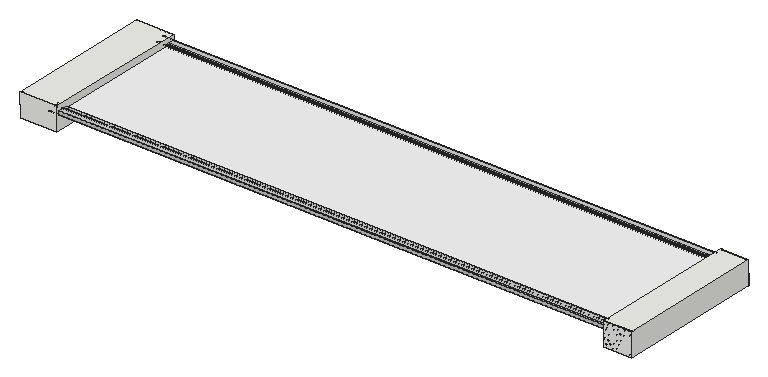
Revit family "DSI-H_3HR_Horizontal_Curtain_Under_Ceiling", category Specialty Equipment, Revit 2023
Family settings
  Round Connector Dimension = Use Diameter
  Part Type = Normal
  OmniClass Number = 23.30.60.17
  OmniClass Title = Fire and Smoke Shutters and Curtains
  Work Plane-Based = No
  Enable Cutting in Views = No
  Always vertical = Yes
  Cut with Voids When Loaded = No
  Maintain Annotation Orientation = No
  Shared = No
  Room Calculation Point = No
Parameters
  Type Comments = ""
  Specifications = "https://www.arcat.com/company/door-systems-50183/spec"
  Product Information = "https://www.arcat.com/arcatcos/cos50/arc50183.html"
  Manufacturer Address = "1150 S. Las Brisas Placentia, CA 92870"
  Keynote = ""
  Description = ""
  Default Elevation = 0' - 0"
  Cost = 0
  Copyright = "Arcat, Inc."
  Curtain Width [instance] = 5' - 3"
  URL = "https://www.doorsysinc.com/smoke-and-fire-curtains/"
  Width (TBW) Tail end Box [instance] = 1' - 1 3/4"
  Stainless Steel = Stainless Steel
  Schematic Floor = no
  Power Supply = "SINGLE PHASE, 230V,13A,50Hz"
  Open Fire Curtain = yes
  Motor = "INTERNAL, ELECTRIC, TUBULER GEARED CONSTANT SPEED MOTOR"
  Model = "DSI-H 3HR HorizontalnCurtain Under Ceiling"
  Manufacturer = "Door Systems"
  Height (TBH) Tail end Box [instance] = 0' - 11 3/4"
  Width (HBW) Head Box [instance] = 1' - 6 1/2"
  Height (HBH) Head Box [instance] = 0' - 11 3/4"
  Guide Rail = "2 mm THK GALVANIZED STEEL GUIDE RAIL"
  Galvanized Stell = Galvanized Steel
  End Plate = "3mmTHK GALVANISED STEEL END PLATES AND BRACKETS"
  Curtain Fabric = "MANUFACTURED FROM STAINLESS STEEL, WIRE REINFORCED,\r\nWOVEN GLASS FIBRE, FABRIC COATED ON EACH SIDE\r\nWITH SILVER POLYURETHANE  VWG 690"
  Curtain Box = "1.2mmTHK GALVANISED STEEL"
  Curtain = Curtain
  Curtain Length [instance] = 23' - 0"
  Bottom Bar = "2mm THK  GALVANIZED STEEL  BOTTOM BAR"
  Assembly Code = ""
Reference planes (in)
  plane 1 "Center (Front/Back)": y = 0
  plane 2: z = 0
  plane 3 "Center (Left/Right)": x = 0
  plane 4: y = 48
  plane 5: y = -25.62376
  plane 6: x = -48
  plane 7: x = 260.25
  plane 8: x = -29.5
  plane 9: x = 246.5
  plane 10: y = 43.47244
  plane 11: y = -21.0962
  plane 12: z = 0
  plane 13: z = 11.75
  plane 14: z = 8.30906
  plane 15: x = -34.22047
  plane 16: x = 252.40133
  plane 17: z = 10.90207
  plane 18: y = 47.2126
  plane 19: y = -24.84251
  plane 20: y = -25.57689
  plane 21: y = 47.95312
  plane 22: z = 9.7997
  plane 23: z = 9.75283
  plane 24: x = -32.25591
  plane 25: x = 249.25591
  plane 26: z = 0
  plane 27: y = -20.31495
  plane 28: y = 42.68505
  plane 29: z = 8.75
  plane 30: z = 8.70312
Forms (in)
  Extrusion 1, solid, material "Metal, Paint Finish, White, Matte"
    sketch origin (0, 0, 0) x (1, 0, 0) y (0, 0, 1)
      loop
        line (-29.5, 11.75) -> (-48, 11.75) -> (-48, 0) -> (-29.5, 0) -> (-29.5, 11.75)
    from -47.95312 to 25.57689
  Extrusion 2, solid, material "Metal, Paint Finish, White, Matte"
    sketch origin (0, 0, 0) x (1, 0, 0) y (0, 0, 1)
      loop
        line (246.5, 0) -> (260.25, 0) -> (260.25, 11.75) -> (246.5, 11.75) -> (246.5, 0)
    from -47.95312 to 25.62376
  Extrusion 3, solid, material "Metal, Paint Finish, White, Matte"
    sketch origin (0, -119.95313, 0) x (1, 0, 0) y (0, 0, 1)
      loop
        line (-48, 11.65551) -> (-48, 0) -> (-29.5, 0) -> (-29.5, 11.75) -> (-47.90551, 11.75)
        arc (-47.90551, 11.75) -> (-47.97233, 11.72233) -> (-48, 11.65551) r 0.09449
    from -94.37624 to -94.32936
  Extrusion 4, solid, material "Metal, Paint Finish, White, Matte"
    sketch origin (0, -36, 0) x (1, 0, 0) y (0, 0, 1)
      loop
        line (-48, 11.65551) -> (-48, 0) -> (-29.5, 0) -> (-29.5, 11.75) -> (-47.90551, 11.75)
        arc (-47.90551, 11.75) -> (-47.97233, 11.72233) -> (-48, 11.65551) r 0.09449
    from -84 to -83.95312
  Extrusion 5, solid, material "Metal, Paint Finish, White, Matte"
    sketch origin (0, -35.95313, 0) x (1, 0, 0) y (0, 0, 1)
      loop
        line (246.49582, 0) -> (260.24582, 0) -> (260.24582, 11.65551)
        arc (260.24582, 11.65551) -> (260.21814, 11.72233) -> (260.15133, 11.75) r 0.09449
        line (260.15133, 11.75) -> (246.49582, 11.75) -> (246.49582, 0)
    from -10.37624 to -10.32936
  Extrusion 6, solid, material "Metal, Paint Finish, White, Matte"
    sketch origin (0, 48, 0) x (1, 0, 0) y (0, 0, 1)
      loop
        line (246.49582, 0) -> (260.24582, 0) -> (260.24582, 11.65551)
        arc (260.24582, 11.65551) -> (260.21814, 11.72233) -> (260.15133, 11.75) r 0.09449
        line (260.15133, 11.75) -> (246.49582, 11.75) -> (246.49582, 0)
    from 0 to 0.04688
  Extrusion 7, solid, material "Galvanized Steel"
    sketch origin (0, 1.56963, 0) x (0, 1, 0) y (0, 0, 1)
      loop
        line (-21.88458, 8.86811) -> (-21.88458, 9.41929)
        arc (-21.88458, 9.41929) -> (-21.91918, 9.50281) -> (-22.00269, 9.5374) r 0.11811
        line (-22.00269, 9.5374) -> (-26.29403, 9.5374)
        arc (-26.29403, 9.5374) -> (-26.37755, 9.50281) -> (-26.41214, 9.41929) r 0.11811
        line (-26.41214, 9.41929) -> (-26.41214, 7.68701)
        arc (-26.41214, 7.68701) -> (-26.37755, 7.60349) -> (-26.29403, 7.5689) r 0.11811
        line (-26.29403, 7.5689) -> (-22.00269, 7.5689)
        arc (-22.00269, 7.5689) -> (-21.91918, 7.60349) -> (-21.88458, 7.68701) r 0.11811
        line (-21.88458, 7.68701) -> (-21.88458, 8.23819)
        arc (-21.88458, 8.23819) -> (-21.91918, 8.32171) -> (-22.00269, 8.3563) r 0.11811
        line (-22.00269, 8.3563) -> (-23.14443, 8.3563)
        arc (-23.14443, 8.3563) -> (-23.22794, 8.32171) -> (-23.26254, 8.23819) r 0.11811
        line (-23.26254, 8.23819) -> (-23.26254, 7.68701) -> (-23.1838, 7.68701) -> (-23.1838, 8.23819)
        arc (-23.1838, 8.23819) -> (-23.17227, 8.26603) -> (-23.14443, 8.27756) r 0.03937
        line (-23.14443, 8.27756) -> (-22.00269, 8.27756)
        arc (-22.00269, 8.27756) -> (-21.97486, 8.26603) -> (-21.96332, 8.23819) r 0.03937
        line (-21.96332, 8.23819) -> (-21.96332, 7.68701)
        arc (-21.96332, 7.68701) -> (-21.97486, 7.65917) -> (-22.00269, 7.64764) r 0.03937
        line (-22.00269, 7.64764) -> (-26.29403, 7.64764)
        arc (-26.29403, 7.64764) -> (-26.32187, 7.65917) -> (-26.3334, 7.68701) r 0.03937
        line (-26.3334, 7.68701) -> (-26.3334, 9.41929)
        arc (-26.3334, 9.41929) -> (-26.32187, 9.44713) -> (-26.29403, 9.45866) r 0.03937
        line (-26.29403, 9.45866) -> (-22.00269, 9.45866)
        arc (-22.00269, 9.45866) -> (-21.97486, 9.44713) -> (-21.96332, 9.41929) r 0.03937
        line (-21.96332, 9.41929) -> (-21.96332, 8.86811)
        arc (-21.96332, 8.86811) -> (-21.97486, 8.84027) -> (-22.00269, 8.82874) r 0.03937
        line (-22.00269, 8.82874) -> (-23.14443, 8.82874)
        arc (-23.14443, 8.82874) -> (-23.17227, 8.84027) -> (-23.1838, 8.86811) r 0.03937
        line (-23.1838, 8.86811) -> (-23.1838, 9.43307) -> (-23.26254, 9.43307) -> (-23.26254, 8.86811)
        arc (-23.26254, 8.86811) -> (-23.22794, 8.78459) -> (-23.14443, 8.75) r 0.11811
        line (-23.14443, 8.75) -> (-22.00269, 8.75)
        arc (-22.00269, 8.75) -> (-21.91918, 8.78459) -> (-21.88458, 8.86811) r 0.11811
    from -34.22047 to 252.40133
  Extrusion 8, solid, material "Galvanized Steel"
    sketch origin (0, 0, -1.0631) x (0, 1, 0) y (0, 0, 1)
      loop
        line (44.063, 10.79774) -> (43.98426, 10.79774) -> (43.98426, 10.23278)
        arc (43.98426, 10.23278) -> (43.97273, 10.20494) -> (43.94489, 10.19341) r 0.03937
        line (43.94489, 10.19341) -> (42.80316, 10.19341)
        arc (42.80316, 10.19341) -> (42.77532, 10.20494) -> (42.76379, 10.23278) r 0.03937
        line (42.76379, 10.23278) -> (42.76379, 10.78396)
        arc (42.76379, 10.78396) -> (42.77532, 10.8118) -> (42.80316, 10.82333) r 0.03937
        line (42.80316, 10.82333) -> (47.09449, 10.82333)
        arc (47.09449, 10.82333) -> (47.12233, 10.8118) -> (47.13386, 10.78396) r 0.03937
        line (47.13386, 10.78396) -> (47.13386, 9.05167)
        arc (47.13386, 9.05167) -> (47.12233, 9.02383) -> (47.09449, 9.0123) r 0.03937
        line (47.09449, 9.0123) -> (42.80316, 9.0123)
        arc (42.80316, 9.0123) -> (42.77532, 9.02383) -> (42.76379, 9.05167) r 0.03937
        line (42.76379, 9.05167) -> (42.76379, 9.60285)
        arc (42.76379, 9.60285) -> (42.77532, 9.63069) -> (42.80316, 9.64222) r 0.03937
        line (42.80316, 9.64222) -> (43.94489, 9.64222)
        arc (43.94489, 9.64222) -> (43.97273, 9.63069) -> (43.98426, 9.60285) r 0.03937
        line (43.98426, 9.60285) -> (43.98426, 9.05167) -> (44.063, 9.05167) -> (44.063, 9.60285)
        arc (44.063, 9.60285) -> (44.0284, 9.68637) -> (43.94489, 9.72096) r 0.11811
        line (43.94489, 9.72096) -> (42.80316, 9.72096)
        arc (42.80316, 9.72096) -> (42.71964, 9.68637) -> (42.68505, 9.60285) r 0.11811
        line (42.68505, 9.60285) -> (42.68505, 9.05167)
        arc (42.68505, 9.05167) -> (42.71964, 8.96816) -> (42.80316, 8.93356) r 0.11811
        line (42.80316, 8.93356) -> (47.09449, 8.93356)
        arc (47.09449, 8.93356) -> (47.17801, 8.96816) -> (47.2126, 9.05167) r 0.11811
        line (47.2126, 9.05167) -> (47.2126, 10.78396)
        arc (47.2126, 10.78396) -> (47.17801, 10.86747) -> (47.09449, 10.90207) r 0.11811
        line (47.09449, 10.90207) -> (42.80316, 10.90207)
        arc (42.80316, 10.90207) -> (42.71964, 10.86747) -> (42.68505, 10.78396) r 0.11811
        line (42.68505, 10.78396) -> (42.68505, 10.23278)
        arc (42.68505, 10.23278) -> (42.71964, 10.14926) -> (42.80316, 10.11467) r 0.11811
        line (42.80316, 10.11467) -> (43.94489, 10.11467)
        arc (43.94489, 10.11467) -> (44.0284, 10.14926) -> (44.063, 10.23278) r 0.11811
        line (44.063, 10.23278) -> (44.063, 10.79774)
    from -34.22047 to 252.40133
  Extrusion 9, solid, material "Schematic Floor", visible <- "Schematic Floor"
    sketch origin (0, 0, 2.04687) x (1, 0, 0) y (0, 1, 0)
      loop
        line (-48, -25.57689) -> (260.25, -25.57689) -> (260.25, 48) -> (-48, 48) -> (-48, -25.57689)
      loop
        line (284.24582, 72) -> (-72, 72) -> (-72, -49.57689) -> (284.24582, -49.57689) -> (284.24582, 72)
    from 0 to 9.76563
  Extrusion 10, solid, material "Schematic Floor", visible <- "Schematic Floor"
    sketch origin (0, 0, 11.8125) x (1, 0, 0) y (0, 1, 0)
      loop
        line (-32.25591, -25.57689) -> (249.25591, -25.57689) -> (249.25591, 48) -> (-32.25591, 48) -> (-32.25591, -25.57689)
      loop
        line (284.24582, 72) -> (-72, 72) -> (-72, -49.57689) -> (284.24582, -49.57689) -> (284.24582, 72)
    from 0 to 5.90551
  Extrusion 11, solid, material "Curtain", visible <- "Open Fire Curtain"
    sketch origin (0, 0, 8.81533) x (1, 0, 0) y (0, 1, 0)
      loop
        line (-34.22047, -21.0962) -> (252.40133, -21.0962) -> (252.40133, 43.47244) -> (-34.22047, 43.47244) -> (-34.22047, -21.0962)
    from -0.06533 to -0.1122
Cuts and joins
  joined: Extrusion 9, Extrusion 10
Lines and regions (in)
  symbolic lines
    curve 1: circle (-44.4481, 0, 6.24083) r 1.91535 normal (0, -1, 0)
    curve 2: circle (-44.4481, 0, 6.24083) r 1.50591 normal (0, -1, 0)
    curve 3: circle (-44.4481, 0, 6.24083) r 1.37795 normal (0, -1, 0)
    curve 4: line (-44.45337, 0, 8.57018) -> (-44.44283, 0, 3.91148)
    curve 5: line (-46.77745, 0, 6.23556) -> (-42.11875, 0, 6.2461)
    curve 6: line (-42.11875, 0, 6.2461) -> (-33.09316, 0, 6.2665)
    curve 7: line (-37.56899, 0, 10.72215) -> (-37.5488, 0, 1.79067)
    curve 8: arc (-37.5634, 0, 8.2505) -> (-38.97212, 0, 7.66325) -> (-39.55298, 0, 6.2519) r 1.99409
    curve 9: circle (-37.55889, 0, 6.25641) r 3.54331 normal (0, -1, 0)
    curve 10: line (-44.32021, 0, 8.15191) -> (-37.46315, 0, 7.69302)
    curve 11: line (-37.55564, 0, 4.81661) -> (-44.3106, 0, 4.33042)
    curve 12: circle (-37.55889, 0, 6.25641) r 1.43976 normal (0, -1, 0)
    curve 13: circle (-37.55889, 0, 6.25641) r 1.85236 normal (0, -1, 0)
    curve 14: circle (-37.55889, 0, 6.25641) r 1.99409 normal (0, -1, 0)
    curve 15: line (-34.11021, 0, 9.7997) -> (-37.56691, 0, 9.7997)
    curve 31: circle (251.07062, 0, 4.85876) r 1.43976 normal (0, -1, 0)
    curve 32: line (255.80408, 0, 6.76489) -> (250.93148, 0, 6.29178)
    curve 33: line (251.07062, 0, 6.65057) -> (251.07062, 0, 3.06695)
    curve 34: line (249.27881, 0, 4.85876) -> (252.86243, 0, 4.85876)
    curve 35: circle (251.07292, 0, 4.85876) r 0.83465 normal (0, -1, 0)
    curve 36: circle (251.07292, 0, 4.85876) r 0.71654 normal (0, -1, 0)
    curve 37: line (253.51091, 0, 4.85876) -> (258.47285, 0, 4.85876)
    curve 38: circle (255.99188, 0, 4.85876) r 1.91535 normal (0, -1, 0)
    curve 39: circle (255.99188, 0, 4.85876) r 1.50591 normal (0, -1, 0)
    curve 40: circle (255.99188, 0, 4.85876) r 1.37795 normal (0, -1, 0)
    curve 41: line (251.08935, 0, 3.41912) -> (255.80329, 0, 2.95271)
    curve 42: line (255.99188, 0, 7.33973) -> (255.99188, 0, 2.37779)
  symbolic lines, not visible
    curve 16: circle (-44.45615, 0, 6.29921) r 1.91535 normal (0, -1, 0)
    curve 17: circle (-44.45615, 0, 6.29921) r 1.50591 normal (0, -1, 0)
    curve 18: circle (-44.45615, 0, 6.29921) r 1.37795 normal (0, -1, 0)
    curve 19: line (-44.45615, 0, 8.62857) -> (-44.45615, 0, 3.96985)
    curve 20: line (-46.78551, 0, 6.29921) -> (-42.12679, 0, 6.29921)
    curve 21: line (-42.12679, 0, 6.29921) -> (-33.10118, 0, 6.29921)
    curve 22: line (-37.56693, 0, 10.76496) -> (-37.56693, 0, 1.83346)
    curve 23: arc (-37.56693, 0, 8.29331) -> (-38.97697, 0, 7.70925) -> (-39.56102, 0, 6.29921) r 1.99409
    curve 24: circle (-37.56693, 0, 6.29921) r 3.54331 normal (0, -1, 0)
    curve 25: line (-44.32394, 0, 8.21) -> (-37.46794, 0, 7.73561)
    curve 26: line (-37.56693, 0, 4.85941) -> (-44.32297, 0, 4.38849)
    curve 27: circle (-37.56693, 0, 6.29921) r 1.43976 normal (0, -1, 0)
    curve 28: circle (-37.56693, 0, 6.29921) r 1.85236 normal (0, -1, 0)
    curve 29: circle (-37.56693, 0, 6.29921) r 1.99409 normal (0, -1, 0)
    curve 30: line (-34.11024, 0, 9.8347) -> (-37.56693, 0, 9.84252)
    curve 43: circle (126.25984, 0, 4.92126) r 1.43976 normal (0, -1, 0)
    curve 44: line (130.9933, 0, 6.82739) -> (126.1207, 0, 6.35428)
    curve 45: line (126.25984, 0, 6.71307) -> (126.25984, 0, 3.12945)
    curve 46: line (124.46803, 0, 4.92126) -> (128.05166, 0, 4.92126)
    curve 47: circle (126.26214, 0, 4.92126) r 0.83465 normal (0, -1, 0)
    curve 48: circle (126.26214, 0, 4.92126) r 0.71654 normal (0, -1, 0)
    curve 49: line (128.70013, 0, 4.92126) -> (133.66207, 0, 4.92126)
    curve 50: circle (131.1811, 0, 4.92126) r 1.91535 normal (0, -1, 0)
    curve 51: circle (131.1811, 0, 4.92126) r 1.50591 normal (0, -1, 0)
    curve 52: circle (131.1811, 0, 4.92126) r 1.37795 normal (0, -1, 0)
    curve 53: line (126.27857, 0, 3.48162) -> (130.99251, 0, 3.01521)
    curve 54: line (131.1811, 0, 7.40223) -> (131.1811, 0, 2.44029)
Dimensions and locks (in)
  "Width (HBW) Head Box": plane 6 to plane 8
  "Width (TBW) Tail end Box": plane 9 to plane 7
  plane 6 to plane 7 = 25' - 8 1/4"
  "Curtain Length": plane 8 to plane 9
  plane 4 to plane 5 = 6' - 1.62376"
  locked: plane 11 to plane 5 at 4.52756
  locked: plane 4 to plane 10 at 4.52756
  "Height (HBH) Head Box": plane 13 to plane 12
  locked: plane 13 to plane 14 at 3.44094
  locked: plane 9 to plane 16 at 5.90133
  locked: plane 13 to plane 17 at 0.84793
  locked: plane 4 to plane 18 at 0.7874
  locked: plane 19 to plane 5 at 0.78125
  locked: plane 20 to plane 5 at 0.04687
  locked: plane 4 to plane 21 at 0.04688
  plane 13 to plane 22 to plane 23 = 0' - 1.9503" locked, 0' - 0 3/64" locked
  locked: plane 14 to curve 37 at 3.4503
  locked: curve 33 to plane 16 at 1.33071
  locked: plane 24 to plane 8 at 2.75591
  locked: plane 9 to plane 25 at 2.75591
  "Height (TBH) Tail end Box": plane 13 to plane 26
  locked: plane 4 to plane 28 at 5.31495
  "Curtain Width": plane 28 to plane 27
  locked: plane 27 to plane 5 at 5.30881
  locked: plane 29 to plane 30 at 0.04688
  locked: plane 13 to plane 29 at 3
  plane 29 to plane 30 = 0' - 0 3/64"
  aligned and locked: plane 2 to level
  aligned and locked: plane 13 to Extrusion 1 sketch curve
  aligned and locked: Extrusion 1 sketch curve to plane 12
  aligned and locked: plane 6 to Extrusion 1
  aligned and locked: Extrusion 1 to plane 8
  aligned and locked: Extrusion 3 to plane 5
  aligned and locked: Extrusion 3 to plane 20
  aligned and locked: plane 20 to Extrusion 1
  aligned and locked: Extrusion 4 to plane 21
  aligned and locked: plane 4 to Extrusion 4
  aligned and locked: plane 21 to Extrusion 1
  aligned and locked: plane 5 to Extrusion 5
  aligned and locked: Extrusion 5 to plane 20
  aligned and locked: Extrusion 6 to plane 4
  aligned and locked: plane 21 to Extrusion 6
  aligned and locked: plane 19 to Extrusion 7
  aligned and locked: plane 22 to curve 15
  aligned and locked: Extrusion 8 to plane 16
  aligned and locked: Extrusion 7 to plane 16
  aligned and locked: Extrusion 9 to plane 6
  aligned and locked: plane 7 to Extrusion 9
  aligned and locked: Extrusion 9 to plane 20
  aligned and locked: Extrusion 9 to plane 4
  aligned and locked: Extrusion 10 to plane 24
  aligned and locked: plane 25 to Extrusion 10
  aligned and locked: Extrusion 1 sketch curve to plane 8
  aligned and locked: plane 6 to Extrusion 1 sketch curve
  aligned and locked: plane 9 to Extrusion 2 sketch curve
  aligned and locked: Extrusion 2 sketch curve to plane 7
  aligned and locked: Extrusion 2 sketch curve to plane 13
  aligned and locked: plane 26 to Extrusion 5 sketch curve
  aligned and locked: plane 26 to Extrusion 2 sketch curve
  aligned and locked: plane 26 to Extrusion 6 sketch curve
  aligned and locked: plane 5 to Extrusion 2
  aligned and locked: plane 27 to Extrusion 7
  aligned and locked: plane 28 to Extrusion 8
  aligned and locked: plane 29 to Extrusion 7
  aligned and locked: plane 29 to Extrusion 11
  aligned and locked: Extrusion 11 to plane 30
Automatic sketch dimensions
  plane 6 to Extrusion 3 sketch curve = 0' - 0"
  Extrusion 3 sketch curve to plane 13 = 0' - 0"
  plane 8 to Extrusion 3 sketch curve = 0' - 0"
  Extrusion 3 sketch curve to level = 0' - 0"
  Extrusion 3 sketch curve to plane 6 = 0' - 0.09449"
  plane 6 to Extrusion 4 sketch curve = 0' - 0"
  Extrusion 4 sketch curve to plane 13 = 0' - 0"
  plane 8 to Extrusion 4 sketch curve = 0' - 0"
  Extrusion 4 sketch curve to level = 0' - 0"
  Extrusion 4 sketch curve to plane 6 = 0' - 0.09449"
  Extrusion 5 sketch curve to plane 13 = 0' - 0"
  plane 9 to Extrusion 5 sketch curve = 0' - 0.00418"
  plane 7 to Extrusion 5 sketch curve = 0' - 0.09867"
  plane 7 to Extrusion 5 sketch curve = 0' - 0.00418"
  Extrusion 6 sketch curve to plane 13 = 0' - 0"
  plane 9 to Extrusion 6 sketch curve = 0' - 0.00418"
  plane 7 to Extrusion 6 sketch curve = 0' - 0.09867"
  plane 7 to Extrusion 6 sketch curve = 0' - 0.00418"
  Extrusion 7 sketch curve to Extrusion 7 sketch curve = 0' - 0"  (x16)
  Extrusion 7 sketch curve to plane 19 = 0' - 0"
  Extrusion 7 sketch curve to plane 29 = 0' - 0"
  Extrusion 7 sketch curve to plane 27 = 0' - 0"  (x2)
  Extrusion 7 sketch curve to Extrusion 7 sketch curve = 0' - 0.07874"
  Extrusion 7 sketch curve to Extrusion 7 sketch curve = 0' - 0.03937"  (x8)
  Extrusion 7 sketch curve to plane 11 = 0' - 0.5967"  (x2)
  plane 14 to Extrusion 7 sketch curve = 0' - 0.04724"
  Extrusion 7 sketch curve to Extrusion 7 sketch curve = 0' - 0.55118"  (x2)
  Extrusion 7 sketch curve to plane 23 = 0' - 0.33354"
  Extrusion 7 sketch curve to plane 23 = 0' - 0.31976"
  Extrusion 8 sketch curve to Extrusion 8 sketch curve = 0' - 0"  (x17)
  Extrusion 8 sketch curve to plane 28 = 0' - 0"  (x2)
  Extrusion 8 sketch curve to plane 18 = 0' - 0"
  Extrusion 8 sketch curve to Extrusion 8 sketch curve = 0' - 0.07874"
  plane 23 to Extrusion 8 sketch curve = 0' - 0.0074"
  Extrusion 8 sketch curve to Extrusion 8 sketch curve = 0' - 0.03937"  (x4)
  plane 28 to Extrusion 8 sketch curve = 0' - 0.11811"
  plane 10 to Extrusion 8 sketch curve = 0' - 0.47245"
  Extrusion 8 sketch curve to plane 30 = 0' - 0.124"
  plane 10 to Extrusion 8 sketch curve = 0' - 0.51182"  (x2)
  Extrusion 8 sketch curve to plane 23 = 0' - 0.01819"
  Extrusion 8 sketch curve to plane 23 = 0' - 0.03197"
  Extrusion 8 sketch curve to plane 14 = 0' - 0.32048"  (x2)
  plane 29 to Extrusion 8 sketch curve = 0' - 0.30157"
  Extrusion 9 sketch curve to plane 6 = 0' - 0"
  Extrusion 9 sketch curve to plane 7 = 0' - 0"
  plane 20 to Extrusion 9 sketch curve = 0' - 0"
  Extrusion 9 sketch curve to plane 4 = 0' - 0"
  plane 6 to Extrusion 9 sketch curve = 2' - 0"
  Extrusion 9 sketch curve to plane 7 = 1' - 11.99582"
  Extrusion 9 sketch curve to plane 5 = 1' - 11 61/64"
  plane 4 to Extrusion 9 sketch curve = 2' - 0"
  plane 20 to Extrusion 10 sketch curve = 0' - 0"
  Extrusion 10 sketch curve to plane 24 = 0' - 0"
  Extrusion 10 sketch curve to plane 25 = 0' - 0"
  Extrusion 10 sketch curve to plane 4 = 0' - 0"
  plane 6 to Extrusion 10 sketch curve = 2' - 0"
  Extrusion 10 sketch curve to plane 7 = 1' - 11.99582"
  Extrusion 10 sketch curve to plane 5 = 1' - 11 61/64"
  plane 4 to Extrusion 10 sketch curve = 2' - 0"
  Extrusion 11 sketch curve to plane 10 = 0' - 0"
  Extrusion 11 sketch curve to plane 15 = 0' - 0"
  Extrusion 11 sketch curve to plane 16 = 0' - 0"
  Extrusion 11 sketch curve to plane 11 = 0' - 0"
